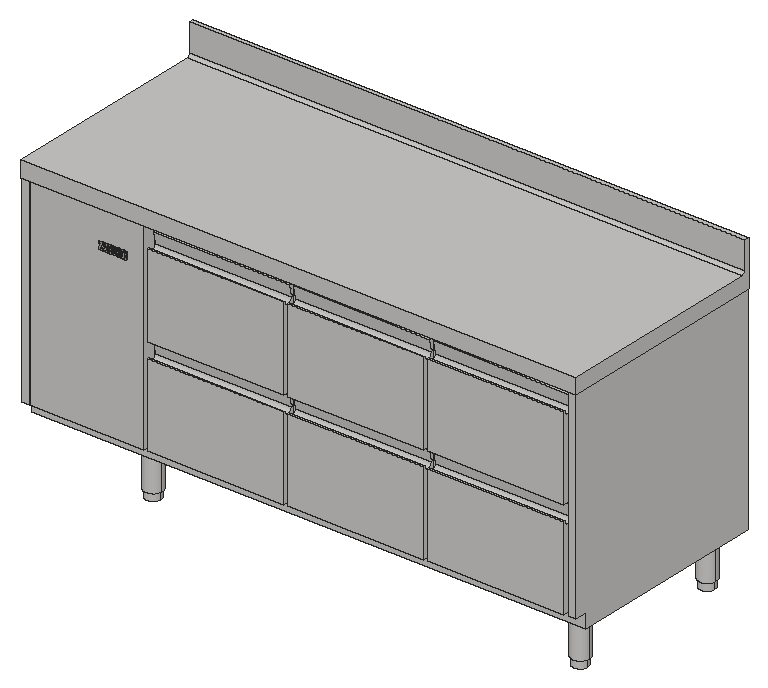
Revit family "QF_ZANUSSI_111048_ZH3H3BBB", category Specialty Equipment, Revit 2018
Family settings
  Round Connector Dimension = Use Diameter
  Part Type = Normal
  Work Plane-Based = No
  Always vertical = Yes
  Cut with Voids When Loaded = No
  Shared = No
  Room Calculation Point = No
Parameters
  Weight = 0.00 kg
  Watts = 0.0232258 W
  Volts = 220 V
  URL Manufacturer = "http://www.zanussiprofessional.com/"
  URL = "http://www.zanussiprofessional.com/"
  Steam Supply Size = 0 mm
  Steam Supply Minimum Pressure = 0.0 Pa
  Steam Supply Maximum Pressure = 0.0 Pa
  Steam Pounds per Hour = 0
  Show Logo [instance] = yes
  Show Clearance [instance] = yes
  Refrigeration Suction Line Size = 0 mm
  Refrigeration Liquid Line Size = 0 mm
  Refrigerant Compressor Remote = yes
  Manufacturer = "Zanussi"
  Phase = 1
  Model = "ZH3H3BBB"
  Length Actual = 1799 mm  # constant formula
  Item Number = "111048"
  Hot Water Size = 0 mm
  Height Actual = 1000 mm  # constant formula
  HP = "0.3 HP"
  Gas Size = 0 mm
  Gas KW = 0
  Gas Input Pressure = 0 W
  Description = "6 DRAWERS REFRIGER.TABLE 440L-SPLASHB"
  Depth Actual = 700 mm  # constant formula
  Cycle = 50 Hz
  Condensate Return Size = 0 mm
  Compressed Air Volume = 0.0 L/s
  Compressed Air Size = 0 mm
  Compressed Air Pressure = 0.0 Pa
  Cold Water Size = 0 mm
  Accessory = yes
Reference planes
  plane 1 "Center X": y = 182.5
  plane 2: z = 0
  plane 3 "Center Y": x = -353.5
  plane 4: y = -62.5
  plane 5: y = 451.5
  plane 6 "BACK": y = 532.5
  plane 7 "FRONT": y = -167.5
  plane 8: x = -906
  plane 9: x = 478
  plane 10: z = 150
  plane 11 "TOP": z = 900
  plane 12: z = 850
  plane 13 "LEFT": x = -1251
  plane 14 "RIGHT": x = 544
  plane 15: x = -1253
  plane 16: x = 546
Forms (mm)
  Extrusion 1, solid, material "QF_Finishes_Stainless Steel"
    sketch origin (-353.5, 2, 0) x (0, 1, 0) y (0, 0, 1)
      loop
        line (530.5, 150) -> (530.5, 850) -> (-124.5, 850) -> (-124.5, 150) -> (530.5, 150)
    from -897.5 to 897.5
  Extrusion 2, solid, material "QF_Finishes_Stainless Steel"
    sketch origin (-1022.223, -1524, 150) x (-1, 0, 0) y (0, -1, 0)
      loop
        line (228.777, -1361.5) -> (203.777, -1361.5) -> (203.777, -1401.5) -> (228.777, -1401.5) -> (228.777, -1361.5)
      loop
        line (-1566.223, -1401.5) -> (-1541.223, -1401.5) -> (-1541.223, -1361.5) -> (-1566.223, -1361.5) -> (-1566.223, -1401.5)
    from 47 to 700
  Extrusion 3, solid, material "QF_Finishes_Stainless Steel"
    sketch origin (0, 0, 900) x (-1, 0, 0) y (0, -1, 0)
      loop
        circle (170, -94.5) r 8.45
    from -790.577 to -750
  Extrusion 4, solid, material "QF_Finishes_Stainless Steel"
    sketch origin (0, 0, 0) x (1, 0, 0) y (0, 1, 0)
      loop
        circle (-1167, 451.5) r 4
    from 109.423 to 150
  Extrusion 5, solid, material "QF_Finishes_Stainless Steel"
    sketch origin (-126.5, 0, 0) x (0, 1, 0) y (0, 0, 1)
      loop
        line (-167.5, 900) -> (-167.5, 850) -> (532.5, 850) -> (532.5, 1000) -> (519.5, 1000) -> (519.5, 910)
        arc (519.5, 910) -> (516.571, 902.929) -> (509.5, 900) r 10
        line (509.5, 900) -> (-167.5, 900)
    from 672.5 to -1126.5
Cuts and joins
  joined: Extrusion 1, Extrusion 2
Lines and regions (mm)
  symbolic lines, style "SpecialityEquipmentHiddenLines"
    curve 1: line (-1253, -122.5, 900) -> (546, -122.5, 900)
    curve 2: line (-850, -167.5, 900) -> (-850, -122.5, 900)
  symbolic lines, style "SpecialityEquipment"
    curve 3: line (-1253, 532.5, 900) -> (546, 532.5, 900)
    curve 4: line (-1253, 532.5, 900) -> (-1253, -167.5, 900)
    curve 5: line (-1253, -167.5, 900) -> (546, -167.5, 900)
    curve 6: line (546, -167.5, 900) -> (546, 532.5, 900)
    curve 7: line (-1253, 519.5, 900) -> (546, 519.5, 900)
Dimensions and locks
  locked: plane 6 "BACK" to plane 7 "FRONT" at 700
  equal spacing: plane 6 "BACK", plane 1 "Center X", plane 7 "FRONT"
  locked: plane 6 "BACK" to plane 5 at 81
  plane 10 to level = 150 mm
  plane 11 "TOP" to plane 12 to plane 10 = 50 mm locked, 700 mm locked
  locked: Extrusion 2 sketch curve to Extrusion 2 sketch curve at 25  (x2)
  locked: plane 4 to plane 7 "FRONT" at 105
  locked: plane 6 "BACK" to Extrusion 3 sketch curve at 438
  equal spacing: plane 13 "LEFT", plane 3 "Center Y", plane 14 "RIGHT"
  plane 15 to plane 16 = 1799 mm
  locked: plane 13 "LEFT" to plane 8 at 345
  locked: plane 9 to plane 14 "RIGHT" at 66
  Extrusion 3 sketch curve to plane 14 "RIGHT" = 714 mm
  plane 13 "LEFT" to Extrusion 4 sketch curve = 84 mm
  locked: plane 6 "BACK" to Extrusion 4 sketch curve at 81
  locked: plane 10 to Extrusion 4 at 40.577
  aligned and locked: level to plane 2
  aligned and locked: plane 10 to Extrusion 3
  aligned and locked: nested 4 to plane 4
  aligned and locked: nested 1 to plane 4
  aligned and locked: nested 3 to plane 5
  aligned and locked: nested 2 to plane 5
  aligned and locked: plane 8 to nested 1
  aligned and locked: plane 8 to nested 2
  aligned and locked: plane 9 to nested 4
  aligned and locked: plane 9 to nested 3
  aligned and locked: Extrusion 1 to Extrusion 2
  aligned and locked: Extrusion 2 to Extrusion 1
  aligned and locked: Extrusion 2 sketch curve to plane 14 "RIGHT"
  aligned and locked: plane 13 "LEFT" to Extrusion 2 sketch curve
  aligned and locked: cut or joined group of Extrusion 1, Extrusion 2 to plane 10
  aligned and locked: plane 12 to cut or joined group of Extrusion 1, Extrusion 2
  aligned and locked: plane 10 to Extrusion 4
Automatic sketch dimensions
  plane 7 "FRONT" to Extrusion 2 sketch curve = 45 mm  (x2)
  plane 7 "FRONT" to Extrusion 2 sketch curve = 5 mm  (x2)
  Extrusion 1 sketch curve to plane 10 = 0 mm
  Extrusion 1 sketch curve to plane 12 = 0 mm
  Extrusion 1 sketch curve to plane 6 "BACK" = 0 mm
  plane 7 "FRONT" to Extrusion 1 sketch curve = 45 mm
  Extrusion 5 sketch curve to plane 7 "FRONT" = 0 mm
  Extrusion 5 sketch curve to plane 11 "TOP" = 0 mm
  Extrusion 5 sketch curve to plane 6 "BACK" = 0 mm
  Extrusion 5 sketch curve to plane 12 = 0 mm
  plane 11 "TOP" to Extrusion 5 sketch curve = 10 mm
  Extrusion 5 sketch curve to plane 6 "BACK" = 23 mm
  Extrusion 5 sketch curve to Extrusion 5 sketch curve = 90 mm
  curve 7 to plane 16 = 0 mm
  curve 2 to plane 7 "FRONT" = 0 mm
  curve 5 to plane 15 = 0 mm
  curve 3 to plane 6 "BACK" = 0 mm
  plane 8 to curve 2 = 56 mm
  curve 3 to curve 7 = 13 mm
  curve 1 to curve 4 = 45 mm
  radius of Extrusion 3 sketch curve = 8.45 mm
  radius of Extrusion 4 sketch curve = 4 mm
Nested families
  nested 1: "Foot_Ø50_H150" at (-906, -62.5, 0), type "Foot_Ø50_H150"
  nested 2: "Foot_Ø50_H150" at (-906, 451.5, 0), type "Foot_Ø50_H150"
  nested 3: "Foot_Ø50_H150" at (478, 451.5, 0), type "Foot_Ø50_H150"
  nested 4: "Foot_Ø50_H150" at (478, -62.5, 0), type "Foot_Ø50_H150"
  nested 5: "2 Drawers" at (285, -164.5, 0), Show Clearance <- "Show Clearance", type "2 Drawers"
  nested 6: "2 Drawers" at (-169, -164.5, 0), Show Clearance <- "Show Clearance", type "2 Drawers"
  nested 7: "Refrigerator" at (544, -167.5, 900), type "Refrigerator"
  nested 8: "ZAN_Cooling Unit" at (-1041.5, -164.5, 0), Show Logo <- "Show Logo", type "ZAN_Cooling Unit"
  nested 9: "2 Drawers" at (-623, -164.5, 0) x (-1, 0, 0) z (0, 0, 1), Show Clearance <- "Show Clearance", type "2 Drawers"
Connectors
  electrical at (-1167, 451.5, 109.423), driven by "Volts"
    settings: on Extrusion 4, index 4, voltage 220 V, apparent load 0 VA, apparent load phase1 0 VA, apparent load phase2 0 VA, apparent load phase3 0 VA, power factor 1, load classification "Altro", number of poles 1, system type 30, power factor state 1, is connector primary yes, connector utility no, sub classification motor no, connector description "Electrical Connection"
  piping at (-170, 94.5, 109.423), diameter 17
    settings: on Extrusion 3, index 5, connector inside diameter 609.6 mm, connector length 0 mm, flow factor 0, pipe flow 0.0 L/s, pressure drop 0.0 Pa, fitting loss kfactor 0, connector angle 0.00°, fixture units 0, engagement length 0 mm, angle of deflection 0.00°, flow configuration 1, flow direction 2, fitting loss method 0, system type 16, joint type 0, gender type 0, connector reference index -1, connector utility 0, adjustable connector no, is connector primary yes, connector description "Drain"
Definition of nested family "Foot_Ø50_H150"
  Reference planes
    plane 1 "Centro (Fronte/Retro)": y = 0
    plane 2: z = 0
    plane 3 "Centro (Sinistra/Destra)": x = 0
    plane 4: z = 150
  Forms (mm)
    Revolve 1, solid
      sketch origin (255.05, 0, 608.09) x (0, 0, 1) y (-1, 0, 0)
        loop
          line (-608.09, 255.05) -> (-608.09, 230.05) -> (-583.09, 230.05) -> (-583.09, 226.05) -> (-458.09, 226.05) -> (-458.09, 255.05) -> (-608.09, 255.05)
        axis (-608.09, 255.05) -> (-458.09, 255.05)
      angle from 0 to 360
  Dimensions and locks
    locked: Revolve 1 sketch curve to Revolve 1 sketch curve at 125
    aligned and locked: level to plane 2
    aligned and locked: plane 4 to Revolve 1 sketch curve
    aligned and locked: Revolve 1 sketch curve to level
    aligned and locked: plane 3 "Centro (Sinistra/Destra)" to Revolve 1 sketch curve
Definition of nested family "2 Drawers"
  Parameters
    Show Clearance [instance] = yes
  Reference planes
    plane 1 "FRONT": y = -3
    plane 2: z = 0
    plane 3 "Centro (Sinistra/Destra)": x = 0
    plane 4: z = 150
    plane 5: z = 850
    plane 6: x = -234
    plane 7: x = 234
    plane 8: x = -220
    plane 9: x = 220
  Forms (mm)
    Extrusion 1, solid
      sketch origin (0, 55, 511) x (0, 0, 1) y (0, -1, 0)
        loop
          line (314, 18) -> (314, 29) -> (274.395, 22.5)
          arc (274.395, 22.5) -> (260.395, 36.5) -> (274.395, 50.5) r 14
          line (274.395, 50.5) -> (274.395, 53) -> (5, 53) -> (5, 18) -> (314, 18)
        loop
          line (-5, 29) -> (-44.605, 22.5)
          arc (-44.605, 22.5) -> (-58.605, 36.5) -> (-44.605, 50.5) r 14
          line (-44.605, 50.5) -> (-44.605, 53) -> (-314, 53) -> (-314, 18) -> (-5, 18) -> (-5, 29)
      from -220 to 220
    Extrusion 2, solid, visible <- "Show Clearance", detail levels coarse
      sketch origin (0, -462, 511) x (0, 0, 1) y (0, -1, 0)
        loop
          line (-314, 109) -> (-314, -464) -> (-5, -464) -> (-5, 109) -> (-314, 109)
        loop
          line (314, -464) -> (314, 109) -> (5, 109) -> (5, -464) -> (314, -464)
      from -220 to 220
  Lines and regions (mm)
    symbolic lines
      curve 1: line (-190, -3, 0) -> (-190, -88, 0)
      curve 2: line (190, -88, 0) -> (190, -3, 0)
      curve 3: line (220, -88, 0) -> (-220, -88, 0)
      curve 4: line (-220, -88, 0) -> (-220, -123, 0)
      curve 5: line (-220, -123, 0) -> (220, -123, 0)
      curve 6: line (220, -123, 0) -> (220, -88, 0)
      curve 7: line (-190, -123, 0) -> (-190, -208, 0)
      curve 8: line (220, -208, 0) -> (-220, -208, 0)
      curve 9: line (-220, -208, 0) -> (-220, -243, 0)
      curve 10: line (-220, -243, 0) -> (220, -243, 0)
      curve 11: line (220, -243, 0) -> (220, -208, 0)
      curve 12: line (190, -208, 0) -> (190, -123, 0)
  Dimensions and locks
    aligned and locked: level to plane 2
Definition of nested family "ZAN_Cooling Unit"
  Parameters
    Show Logo [instance] = yes
  Reference planes
    plane 1 "FRONT": y = -3
    plane 2: z = 0
    plane 3 "Centro (Sinistra/Destra)": x = 0
    plane 4: z = 150
    plane 5: z = 850
    plane 6: x = -184.5
    plane 7: x = 184.5
  Forms (mm)
    Extrusion 1, solid
      sketch origin (0, 55, 511) x (0, 0, 1) y (0, -1, 0)
        loop
          line (-314, 53) -> (-314, 13) -> (339, 13) -> (339, 53) -> (-314, 53)
      from -184.5 to 184.5
  Lines and regions (mm)
    Split face 1
      outline origin (0, 2, 197) x (0, 0, 1) y (-1, 0, 0)
        loop
          line (566.835, 184.5) -> (566.835, -184.5)
        loop
          line (521.835, 184.5) -> (521.835, -184.5)
    Split face 2
      outline origin (0, 2, 197) x (0, 0, 1) y (-1, 0, 0)
        loop
          arc (510.649, 158.547) -> (506.648, 162.548) -> (502.647, 158.547) r 4.001
          line (502.647, 158.547) -> (502.647, 116.535)
          arc (502.647, 116.535) -> (506.648, 112.533) -> (510.649, 116.535) r 4.001
          line (510.649, 116.535) -> (510.649, 158.547)
    Split face 3
      outline origin (0, 2, 184.996) x (0, 0, 1) y (-1, 0, 0)
        loop
          arc (510.649, 158.547) -> (506.648, 162.548) -> (502.647, 158.547) r 4.001
          line (502.647, 158.547) -> (502.647, 116.535)
          arc (502.647, 116.535) -> (506.648, 112.533) -> (510.649, 116.535) r 4.001
          line (510.649, 116.535) -> (510.649, 158.547)
    Split face 4
      outline origin (0, 2, 172.993) x (0, 0, 1) y (-1, 0, 0)
        loop
          arc (510.649, 158.547) -> (506.648, 162.548) -> (502.647, 158.547) r 4.001
          line (502.647, 158.547) -> (502.647, 116.535)
          arc (502.647, 116.535) -> (506.648, 112.533) -> (510.649, 116.535) r 4.001
          line (510.649, 116.535) -> (510.649, 158.547)
    Split face 5
      outline origin (0, 2, 160.989) x (0, 0, 1) y (-1, 0, 0)
        loop
          arc (510.649, 158.547) -> (506.648, 162.548) -> (502.647, 158.547) r 4.001
          line (502.647, 158.547) -> (502.647, 116.535)
          arc (502.647, 116.535) -> (506.648, 112.533) -> (510.649, 116.535) r 4.001
          line (510.649, 116.535) -> (510.649, 158.547)
    Split face 6
      outline origin (0, 2, 148.986) x (0, 0, 1) y (-1, 0, 0)
        loop
          arc (510.649, 158.547) -> (506.648, 162.548) -> (502.647, 158.547) r 4.001
          line (502.647, 158.547) -> (502.647, 116.535)
          arc (502.647, 116.535) -> (506.648, 112.533) -> (510.649, 116.535) r 4.001
          line (510.649, 116.535) -> (510.649, 158.547)
    Split face 7
      outline origin (0, 2, 136.982) x (0, 0, 1) y (-1, 0, 0)
        loop
          arc (510.649, 158.547) -> (506.648, 162.548) -> (502.647, 158.547) r 4.001
          line (502.647, 158.547) -> (502.647, 116.535)
          arc (502.647, 116.535) -> (506.648, 112.533) -> (510.649, 116.535) r 4.001
          line (510.649, 116.535) -> (510.649, 158.547)
    Split face 8
      outline origin (0, 2, 124.979) x (0, 0, 1) y (-1, 0, 0)
        loop
          arc (510.649, 158.547) -> (506.648, 162.548) -> (502.647, 158.547) r 4.001
          line (502.647, 158.547) -> (502.647, 116.535)
          arc (502.647, 116.535) -> (506.648, 112.533) -> (510.649, 116.535) r 4.001
          line (510.649, 116.535) -> (510.649, 158.547)
    Split face 9
      outline origin (0, 2, 112.975) x (0, 0, 1) y (-1, 0, 0)
        loop
          arc (510.649, 158.547) -> (506.648, 162.548) -> (502.647, 158.547) r 4.001
          line (502.647, 158.547) -> (502.647, 116.535)
          arc (502.647, 116.535) -> (506.648, 112.533) -> (510.649, 116.535) r 4.001
          line (510.649, 116.535) -> (510.649, 158.547)
    Split face 10
      outline origin (0, 2, 100.972) x (0, 0, 1) y (-1, 0, 0)
        loop
          arc (510.649, 158.547) -> (506.648, 162.548) -> (502.647, 158.547) r 4.001
          line (502.647, 158.547) -> (502.647, 116.535)
          arc (502.647, 116.535) -> (506.648, 112.533) -> (510.649, 116.535) r 4.001
          line (510.649, 116.535) -> (510.649, 158.547)
    Split face 11
      outline origin (0, 2, 88.968) x (0, 0, 1) y (-1, 0, 0)
        loop
          arc (510.649, 158.547) -> (506.648, 162.548) -> (502.647, 158.547) r 4.001
          line (502.647, 158.547) -> (502.647, 116.535)
          arc (502.647, 116.535) -> (506.648, 112.533) -> (510.649, 116.535) r 4.001
          line (510.649, 116.535) -> (510.649, 158.547)
    Split face 12
      outline origin (0, 2, 76.965) x (0, 0, 1) y (-1, 0, 0)
        loop
          arc (510.649, 158.547) -> (506.648, 162.548) -> (502.647, 158.547) r 4.001
          line (502.647, 158.547) -> (502.647, 116.535)
          arc (502.647, 116.535) -> (506.648, 112.533) -> (510.649, 116.535) r 4.001
          line (510.649, 116.535) -> (510.649, 158.547)
    Split face 13
      outline origin (0, 2, 64.961) x (0, 0, 1) y (-1, 0, 0)
        loop
          arc (510.649, 158.547) -> (506.648, 162.548) -> (502.647, 158.547) r 4.001
          line (502.647, 158.547) -> (502.647, 116.535)
          arc (502.647, 116.535) -> (506.648, 112.533) -> (510.649, 116.535) r 4.001
          line (510.649, 116.535) -> (510.649, 158.547)
    Split face 14
      outline origin (0, 2, 52.958) x (0, 0, 1) y (-1, 0, 0)
        loop
          arc (510.649, 158.547) -> (506.648, 162.548) -> (502.647, 158.547) r 4.001
          line (502.647, 158.547) -> (502.647, 116.535)
          arc (502.647, 116.535) -> (506.648, 112.533) -> (510.649, 116.535) r 4.001
          line (510.649, 116.535) -> (510.649, 158.547)
    Split face 15
      outline origin (0, 2, 40.954) x (0, 0, 1) y (-1, 0, 0)
        loop
          arc (510.649, 158.547) -> (506.648, 162.548) -> (502.647, 158.547) r 4.001
          line (502.647, 158.547) -> (502.647, 116.535)
          arc (502.647, 116.535) -> (506.648, 112.533) -> (510.649, 116.535) r 4.001
          line (510.649, 116.535) -> (510.649, 158.547)
    Split face 16
      outline origin (0, 2, 28.951) x (0, 0, 1) y (-1, 0, 0)
        loop
          arc (510.649, 158.547) -> (506.648, 162.548) -> (502.647, 158.547) r 4.001
          line (502.647, 158.547) -> (502.647, 116.535)
          arc (502.647, 116.535) -> (506.648, 112.533) -> (510.649, 116.535) r 4.001
          line (510.649, 116.535) -> (510.649, 158.547)
    Split face 17
      outline origin (0, 2, 16.947) x (0, 0, 1) y (-1, 0, 0)
        loop
          arc (510.649, 158.547) -> (506.648, 162.548) -> (502.647, 158.547) r 4.001
          line (502.647, 158.547) -> (502.647, 116.535)
          arc (502.647, 116.535) -> (506.648, 112.533) -> (510.649, 116.535) r 4.001
          line (510.649, 116.535) -> (510.649, 158.547)
    Split face 18
      outline origin (55.016, 2, 197) x (0, 0, 1) y (-1, 0, 0)
        loop
          arc (510.649, 158.547) -> (506.648, 162.548) -> (502.647, 158.547) r 4.001
          line (502.647, 158.547) -> (502.647, 116.535)
          arc (502.647, 116.535) -> (506.648, 112.533) -> (510.649, 116.535) r 4.001
          line (510.649, 116.535) -> (510.649, 158.547)
    Split face 19
      outline origin (55.016, 2, 184.996) x (0, 0, 1) y (-1, 0, 0)
        loop
          arc (510.649, 158.547) -> (506.648, 162.548) -> (502.647, 158.547) r 4.001
          line (502.647, 158.547) -> (502.647, 116.535)
          arc (502.647, 116.535) -> (506.648, 112.533) -> (510.649, 116.535) r 4.001
          line (510.649, 116.535) -> (510.649, 158.547)
    Split face 20
      outline origin (55.016, 2, 172.993) x (0, 0, 1) y (-1, 0, 0)
        loop
          arc (510.649, 158.547) -> (506.648, 162.548) -> (502.647, 158.547) r 4.001
          line (502.647, 158.547) -> (502.647, 116.535)
          arc (502.647, 116.535) -> (506.648, 112.533) -> (510.649, 116.535) r 4.001
          line (510.649, 116.535) -> (510.649, 158.547)
    Split face 21
      outline origin (55.016, 2, 160.989) x (0, 0, 1) y (-1, 0, 0)
        loop
          arc (510.649, 158.547) -> (506.648, 162.548) -> (502.647, 158.547) r 4.001
          line (502.647, 158.547) -> (502.647, 116.535)
          arc (502.647, 116.535) -> (506.648, 112.533) -> (510.649, 116.535) r 4.001
          line (510.649, 116.535) -> (510.649, 158.547)
    Split face 22
      outline origin (55.016, 2, 148.986) x (0, 0, 1) y (-1, 0, 0)
        loop
          arc (510.649, 158.547) -> (506.648, 162.548) -> (502.647, 158.547) r 4.001
          line (502.647, 158.547) -> (502.647, 116.535)
          arc (502.647, 116.535) -> (506.648, 112.533) -> (510.649, 116.535) r 4.001
          line (510.649, 116.535) -> (510.649, 158.547)
    Split face 23
      outline origin (55.016, 2, 136.982) x (0, 0, 1) y (-1, 0, 0)
        loop
          arc (510.649, 158.547) -> (506.648, 162.548) -> (502.647, 158.547) r 4.001
          line (502.647, 158.547) -> (502.647, 116.535)
          arc (502.647, 116.535) -> (506.648, 112.533) -> (510.649, 116.535) r 4.001
          line (510.649, 116.535) -> (510.649, 158.547)
    Split face 24
      outline origin (55.016, 2, 124.979) x (0, 0, 1) y (-1, 0, 0)
        loop
          arc (510.649, 158.547) -> (506.648, 162.548) -> (502.647, 158.547) r 4.001
          line (502.647, 158.547) -> (502.647, 116.535)
          arc (502.647, 116.535) -> (506.648, 112.533) -> (510.649, 116.535) r 4.001
          line (510.649, 116.535) -> (510.649, 158.547)
    Split face 25
      outline origin (55.016, 2, 112.975) x (0, 0, 1) y (-1, 0, 0)
        loop
          arc (510.649, 158.547) -> (506.648, 162.548) -> (502.647, 158.547) r 4.001
          line (502.647, 158.547) -> (502.647, 116.535)
          arc (502.647, 116.535) -> (506.648, 112.533) -> (510.649, 116.535) r 4.001
          line (510.649, 116.535) -> (510.649, 158.547)
    Split face 26
      outline origin (55.016, 2, 100.972) x (0, 0, 1) y (-1, 0, 0)
        loop
          arc (510.649, 158.547) -> (506.648, 162.548) -> (502.647, 158.547) r 4.001
          line (502.647, 158.547) -> (502.647, 116.535)
          arc (502.647, 116.535) -> (506.648, 112.533) -> (510.649, 116.535) r 4.001
          line (510.649, 116.535) -> (510.649, 158.547)
    Split face 27
      outline origin (55.016, 2, 88.968) x (0, 0, 1) y (-1, 0, 0)
        loop
          arc (510.649, 158.547) -> (506.648, 162.548) -> (502.647, 158.547) r 4.001
          line (502.647, 158.547) -> (502.647, 116.535)
          arc (502.647, 116.535) -> (506.648, 112.533) -> (510.649, 116.535) r 4.001
          line (510.649, 116.535) -> (510.649, 158.547)
    Split face 28
      outline origin (55.016, 2, 76.965) x (0, 0, 1) y (-1, 0, 0)
        loop
          arc (510.649, 158.547) -> (506.648, 162.548) -> (502.647, 158.547) r 4.001
          line (502.647, 158.547) -> (502.647, 116.535)
          arc (502.647, 116.535) -> (506.648, 112.533) -> (510.649, 116.535) r 4.001
          line (510.649, 116.535) -> (510.649, 158.547)
    Split face 29
      outline origin (55.016, 2, 64.961) x (0, 0, 1) y (-1, 0, 0)
        loop
          arc (510.649, 158.547) -> (506.648, 162.548) -> (502.647, 158.547) r 4.001
          line (502.647, 158.547) -> (502.647, 116.535)
          arc (502.647, 116.535) -> (506.648, 112.533) -> (510.649, 116.535) r 4.001
          line (510.649, 116.535) -> (510.649, 158.547)
    Split face 30
      outline origin (55.016, 2, 52.958) x (0, 0, 1) y (-1, 0, 0)
        loop
          arc (510.649, 158.547) -> (506.648, 162.548) -> (502.647, 158.547) r 4.001
          line (502.647, 158.547) -> (502.647, 116.535)
          arc (502.647, 116.535) -> (506.648, 112.533) -> (510.649, 116.535) r 4.001
          line (510.649, 116.535) -> (510.649, 158.547)
    Split face 31
      outline origin (55.016, 2, 40.954) x (0, 0, 1) y (-1, 0, 0)
        loop
          arc (510.649, 158.547) -> (506.648, 162.548) -> (502.647, 158.547) r 4.001
          line (502.647, 158.547) -> (502.647, 116.535)
          arc (502.647, 116.535) -> (506.648, 112.533) -> (510.649, 116.535) r 4.001
          line (510.649, 116.535) -> (510.649, 158.547)
    Split face 32
      outline origin (55.016, 2, 28.951) x (0, 0, 1) y (-1, 0, 0)
        loop
          arc (510.649, 158.547) -> (506.648, 162.548) -> (502.647, 158.547) r 4.001
          line (502.647, 158.547) -> (502.647, 116.535)
          arc (502.647, 116.535) -> (506.648, 112.533) -> (510.649, 116.535) r 4.001
          line (510.649, 116.535) -> (510.649, 158.547)
    Split face 33
      outline origin (55.016, 2, 16.947) x (0, 0, 1) y (-1, 0, 0)
        loop
          arc (510.649, 158.547) -> (506.648, 162.548) -> (502.647, 158.547) r 4.001
          line (502.647, 158.547) -> (502.647, 116.535)
          arc (502.647, 116.535) -> (506.648, 112.533) -> (510.649, 116.535) r 4.001
          line (510.649, 116.535) -> (510.649, 158.547)
    Split face 34
      outline origin (110.032, 2, 197) x (0, 0, 1) y (-1, 0, 0)
        loop
          arc (510.649, 158.547) -> (506.648, 162.548) -> (502.647, 158.547) r 4.001
          line (502.647, 158.547) -> (502.647, 116.535)
          arc (502.647, 116.535) -> (506.648, 112.533) -> (510.649, 116.535) r 4.001
          line (510.649, 116.535) -> (510.649, 158.547)
    Split face 35
      outline origin (110.032, 2, 184.996) x (0, 0, 1) y (-1, 0, 0)
        loop
          arc (510.649, 158.547) -> (506.648, 162.548) -> (502.647, 158.547) r 4.001
          line (502.647, 158.547) -> (502.647, 116.535)
          arc (502.647, 116.535) -> (506.648, 112.533) -> (510.649, 116.535) r 4.001
          line (510.649, 116.535) -> (510.649, 158.547)
    Split face 36
      outline origin (110.032, 2, 172.993) x (0, 0, 1) y (-1, 0, 0)
        loop
          arc (510.649, 158.547) -> (506.648, 162.548) -> (502.647, 158.547) r 4.001
          line (502.647, 158.547) -> (502.647, 116.535)
          arc (502.647, 116.535) -> (506.648, 112.533) -> (510.649, 116.535) r 4.001
          line (510.649, 116.535) -> (510.649, 158.547)
    Split face 37
      outline origin (110.032, 2, 160.989) x (0, 0, 1) y (-1, 0, 0)
        loop
          arc (510.649, 158.547) -> (506.648, 162.548) -> (502.647, 158.547) r 4.001
          line (502.647, 158.547) -> (502.647, 116.535)
          arc (502.647, 116.535) -> (506.648, 112.533) -> (510.649, 116.535) r 4.001
          line (510.649, 116.535) -> (510.649, 158.547)
    Split face 38
      outline origin (110.032, 2, 148.986) x (0, 0, 1) y (-1, 0, 0)
        loop
          arc (510.649, 158.547) -> (506.648, 162.548) -> (502.647, 158.547) r 4.001
          line (502.647, 158.547) -> (502.647, 116.535)
          arc (502.647, 116.535) -> (506.648, 112.533) -> (510.649, 116.535) r 4.001
          line (510.649, 116.535) -> (510.649, 158.547)
    Split face 39
      outline origin (110.032, 2, 136.982) x (0, 0, 1) y (-1, 0, 0)
        loop
          arc (510.649, 158.547) -> (506.648, 162.548) -> (502.647, 158.547) r 4.001
          line (502.647, 158.547) -> (502.647, 116.535)
          arc (502.647, 116.535) -> (506.648, 112.533) -> (510.649, 116.535) r 4.001
          line (510.649, 116.535) -> (510.649, 158.547)
    Split face 40
      outline origin (110.032, 2, 124.979) x (0, 0, 1) y (-1, 0, 0)
        loop
          arc (510.649, 158.547) -> (506.648, 162.548) -> (502.647, 158.547) r 4.001
          line (502.647, 158.547) -> (502.647, 116.535)
          arc (502.647, 116.535) -> (506.648, 112.533) -> (510.649, 116.535) r 4.001
          line (510.649, 116.535) -> (510.649, 158.547)
    Split face 41
      outline origin (110.032, 2, 112.975) x (0, 0, 1) y (-1, 0, 0)
        loop
          arc (510.649, 158.547) -> (506.648, 162.548) -> (502.647, 158.547) r 4.001
          line (502.647, 158.547) -> (502.647, 116.535)
          arc (502.647, 116.535) -> (506.648, 112.533) -> (510.649, 116.535) r 4.001
          line (510.649, 116.535) -> (510.649, 158.547)
    Split face 42
      outline origin (110.032, 2, 100.972) x (0, 0, 1) y (-1, 0, 0)
        loop
          arc (510.649, 158.547) -> (506.648, 162.548) -> (502.647, 158.547) r 4.001
          line (502.647, 158.547) -> (502.647, 116.535)
          arc (502.647, 116.535) -> (506.648, 112.533) -> (510.649, 116.535) r 4.001
          line (510.649, 116.535) -> (510.649, 158.547)
    Split face 43
      outline origin (110.032, 2, 88.968) x (0, 0, 1) y (-1, 0, 0)
        loop
          arc (510.649, 158.547) -> (506.648, 162.548) -> (502.647, 158.547) r 4.001
          line (502.647, 158.547) -> (502.647, 116.535)
          arc (502.647, 116.535) -> (506.648, 112.533) -> (510.649, 116.535) r 4.001
          line (510.649, 116.535) -> (510.649, 158.547)
    Split face 44
      outline origin (110.032, 2, 76.965) x (0, 0, 1) y (-1, 0, 0)
        loop
          arc (510.649, 158.547) -> (506.648, 162.548) -> (502.647, 158.547) r 4.001
          line (502.647, 158.547) -> (502.647, 116.535)
          arc (502.647, 116.535) -> (506.648, 112.533) -> (510.649, 116.535) r 4.001
          line (510.649, 116.535) -> (510.649, 158.547)
    Split face 45
      outline origin (110.032, 2, 64.961) x (0, 0, 1) y (-1, 0, 0)
        loop
          arc (510.649, 158.547) -> (506.648, 162.548) -> (502.647, 158.547) r 4.001
          line (502.647, 158.547) -> (502.647, 116.535)
          arc (502.647, 116.535) -> (506.648, 112.533) -> (510.649, 116.535) r 4.001
          line (510.649, 116.535) -> (510.649, 158.547)
    Split face 46
      outline origin (110.032, 2, 52.958) x (0, 0, 1) y (-1, 0, 0)
        loop
          arc (510.649, 158.547) -> (506.648, 162.548) -> (502.647, 158.547) r 4.001
          line (502.647, 158.547) -> (502.647, 116.535)
          arc (502.647, 116.535) -> (506.648, 112.533) -> (510.649, 116.535) r 4.001
          line (510.649, 116.535) -> (510.649, 158.547)
    Split face 47
      outline origin (110.032, 2, 40.954) x (0, 0, 1) y (-1, 0, 0)
        loop
          arc (510.649, 158.547) -> (506.648, 162.548) -> (502.647, 158.547) r 4.001
          line (502.647, 158.547) -> (502.647, 116.535)
          arc (502.647, 116.535) -> (506.648, 112.533) -> (510.649, 116.535) r 4.001
          line (510.649, 116.535) -> (510.649, 158.547)
    Split face 48
      outline origin (110.032, 2, 28.951) x (0, 0, 1) y (-1, 0, 0)
        loop
          arc (510.649, 158.547) -> (506.648, 162.548) -> (502.647, 158.547) r 4.001
          line (502.647, 158.547) -> (502.647, 116.535)
          arc (502.647, 116.535) -> (506.648, 112.533) -> (510.649, 116.535) r 4.001
          line (510.649, 116.535) -> (510.649, 158.547)
    Split face 49
      outline origin (110.032, 2, 16.947) x (0, 0, 1) y (-1, 0, 0)
        loop
          arc (510.649, 158.547) -> (506.648, 162.548) -> (502.647, 158.547) r 4.001
          line (502.647, 158.547) -> (502.647, 116.535)
          arc (502.647, 116.535) -> (506.648, 112.533) -> (510.649, 116.535) r 4.001
          line (510.649, 116.535) -> (510.649, 158.547)
    Split face 50
      outline origin (165.048, 2, 197) x (0, 0, 1) y (-1, 0, 0)
        loop
          arc (510.649, 158.547) -> (506.648, 162.548) -> (502.647, 158.547) r 4.001
          line (502.647, 158.547) -> (502.647, 116.535)
          arc (502.647, 116.535) -> (506.648, 112.533) -> (510.649, 116.535) r 4.001
          line (510.649, 116.535) -> (510.649, 158.547)
    Split face 51
      outline origin (165.048, 2, 184.996) x (0, 0, 1) y (-1, 0, 0)
        loop
          arc (510.649, 158.547) -> (506.648, 162.548) -> (502.647, 158.547) r 4.001
          line (502.647, 158.547) -> (502.647, 116.535)
          arc (502.647, 116.535) -> (506.648, 112.533) -> (510.649, 116.535) r 4.001
          line (510.649, 116.535) -> (510.649, 158.547)
    Split face 52
      outline origin (165.048, 2, 172.993) x (0, 0, 1) y (-1, 0, 0)
        loop
          arc (510.649, 158.547) -> (506.648, 162.548) -> (502.647, 158.547) r 4.001
          line (502.647, 158.547) -> (502.647, 116.535)
          arc (502.647, 116.535) -> (506.648, 112.533) -> (510.649, 116.535) r 4.001
          line (510.649, 116.535) -> (510.649, 158.547)
    Split face 53
      outline origin (165.048, 2, 160.989) x (0, 0, 1) y (-1, 0, 0)
        loop
          arc (510.649, 158.547) -> (506.648, 162.548) -> (502.647, 158.547) r 4.001
          line (502.647, 158.547) -> (502.647, 116.535)
          arc (502.647, 116.535) -> (506.648, 112.533) -> (510.649, 116.535) r 4.001
          line (510.649, 116.535) -> (510.649, 158.547)
    Split face 54
      outline origin (165.048, 2, 148.986) x (0, 0, 1) y (-1, 0, 0)
        loop
          arc (510.649, 158.547) -> (506.648, 162.548) -> (502.647, 158.547) r 4.001
          line (502.647, 158.547) -> (502.647, 116.535)
          arc (502.647, 116.535) -> (506.648, 112.533) -> (510.649, 116.535) r 4.001
          line (510.649, 116.535) -> (510.649, 158.547)
    Split face 55
      outline origin (165.048, 2, 136.982) x (0, 0, 1) y (-1, 0, 0)
        loop
          arc (510.649, 158.547) -> (506.648, 162.548) -> (502.647, 158.547) r 4.001
          line (502.647, 158.547) -> (502.647, 116.535)
          arc (502.647, 116.535) -> (506.648, 112.533) -> (510.649, 116.535) r 4.001
          line (510.649, 116.535) -> (510.649, 158.547)
    Split face 56
      outline origin (165.048, 2, 124.979) x (0, 0, 1) y (-1, 0, 0)
        loop
          arc (510.649, 158.547) -> (506.648, 162.548) -> (502.647, 158.547) r 4.001
          line (502.647, 158.547) -> (502.647, 116.535)
          arc (502.647, 116.535) -> (506.648, 112.533) -> (510.649, 116.535) r 4.001
          line (510.649, 116.535) -> (510.649, 158.547)
    Split face 57
      outline origin (165.048, 2, 112.975) x (0, 0, 1) y (-1, 0, 0)
        loop
          arc (510.649, 158.547) -> (506.648, 162.548) -> (502.647, 158.547) r 4.001
          line (502.647, 158.547) -> (502.647, 116.535)
          arc (502.647, 116.535) -> (506.648, 112.533) -> (510.649, 116.535) r 4.001
          line (510.649, 116.535) -> (510.649, 158.547)
    Split face 58
      outline origin (165.048, 2, 100.972) x (0, 0, 1) y (-1, 0, 0)
        loop
          arc (510.649, 158.547) -> (506.648, 162.548) -> (502.647, 158.547) r 4.001
          line (502.647, 158.547) -> (502.647, 116.535)
          arc (502.647, 116.535) -> (506.648, 112.533) -> (510.649, 116.535) r 4.001
          line (510.649, 116.535) -> (510.649, 158.547)
    Split face 59
      outline origin (165.048, 2, 88.968) x (0, 0, 1) y (-1, 0, 0)
        loop
          arc (510.649, 158.547) -> (506.648, 162.548) -> (502.647, 158.547) r 4.001
          line (502.647, 158.547) -> (502.647, 116.535)
          arc (502.647, 116.535) -> (506.648, 112.533) -> (510.649, 116.535) r 4.001
          line (510.649, 116.535) -> (510.649, 158.547)
    Split face 60
      outline origin (165.048, 2, 76.965) x (0, 0, 1) y (-1, 0, 0)
        loop
          arc (510.649, 158.547) -> (506.648, 162.548) -> (502.647, 158.547) r 4.001
          line (502.647, 158.547) -> (502.647, 116.535)
          arc (502.647, 116.535) -> (506.648, 112.533) -> (510.649, 116.535) r 4.001
          line (510.649, 116.535) -> (510.649, 158.547)
    Split face 61
      outline origin (165.048, 2, 64.961) x (0, 0, 1) y (-1, 0, 0)
        loop
          arc (510.649, 158.547) -> (506.648, 162.548) -> (502.647, 158.547) r 4.001
          line (502.647, 158.547) -> (502.647, 116.535)
          arc (502.647, 116.535) -> (506.648, 112.533) -> (510.649, 116.535) r 4.001
          line (510.649, 116.535) -> (510.649, 158.547)
    Split face 62
      outline origin (165.048, 2, 52.958) x (0, 0, 1) y (-1, 0, 0)
        loop
          arc (510.649, 158.547) -> (506.648, 162.548) -> (502.647, 158.547) r 4.001
          line (502.647, 158.547) -> (502.647, 116.535)
          arc (502.647, 116.535) -> (506.648, 112.533) -> (510.649, 116.535) r 4.001
          line (510.649, 116.535) -> (510.649, 158.547)
    Split face 63
      outline origin (165.048, 2, 40.954) x (0, 0, 1) y (-1, 0, 0)
        loop
          arc (510.649, 158.547) -> (506.648, 162.548) -> (502.647, 158.547) r 4.001
          line (502.647, 158.547) -> (502.647, 116.535)
          arc (502.647, 116.535) -> (506.648, 112.533) -> (510.649, 116.535) r 4.001
          line (510.649, 116.535) -> (510.649, 158.547)
    Split face 64
      outline origin (165.048, 2, 28.951) x (0, 0, 1) y (-1, 0, 0)
        loop
          arc (510.649, 158.547) -> (506.648, 162.548) -> (502.647, 158.547) r 4.001
          line (502.647, 158.547) -> (502.647, 116.535)
          arc (502.647, 116.535) -> (506.648, 112.533) -> (510.649, 116.535) r 4.001
          line (510.649, 116.535) -> (510.649, 158.547)
    Split face 65
      outline origin (165.048, 2, 16.947) x (0, 0, 1) y (-1, 0, 0)
        loop
          arc (510.649, 158.547) -> (506.648, 162.548) -> (502.647, 158.547) r 4.001
          line (502.647, 158.547) -> (502.647, 116.535)
          arc (502.647, 116.535) -> (506.648, 112.533) -> (510.649, 116.535) r 4.001
          line (510.649, 116.535) -> (510.649, 158.547)
    Split face 66
      outline origin (220.064, 2, 197) x (0, 0, 1) y (-1, 0, 0)
        loop
          arc (510.649, 158.547) -> (506.648, 162.548) -> (502.647, 158.547) r 4.001
          line (502.647, 158.547) -> (502.647, 116.535)
          arc (502.647, 116.535) -> (506.648, 112.533) -> (510.649, 116.535) r 4.001
          line (510.649, 116.535) -> (510.649, 158.547)
    Split face 67
      outline origin (220.064, 2, 184.996) x (0, 0, 1) y (-1, 0, 0)
        loop
          arc (510.649, 158.547) -> (506.648, 162.548) -> (502.647, 158.547) r 4.001
          line (502.647, 158.547) -> (502.647, 116.535)
          arc (502.647, 116.535) -> (506.648, 112.533) -> (510.649, 116.535) r 4.001
          line (510.649, 116.535) -> (510.649, 158.547)
    Split face 68
      outline origin (220.064, 2, 172.993) x (0, 0, 1) y (-1, 0, 0)
        loop
          arc (510.649, 158.547) -> (506.648, 162.548) -> (502.647, 158.547) r 4.001
          line (502.647, 158.547) -> (502.647, 116.535)
          arc (502.647, 116.535) -> (506.648, 112.533) -> (510.649, 116.535) r 4.001
          line (510.649, 116.535) -> (510.649, 158.547)
    Split face 69
      outline origin (220.064, 2, 160.989) x (0, 0, 1) y (-1, 0, 0)
        loop
          arc (510.649, 158.547) -> (506.648, 162.548) -> (502.647, 158.547) r 4.001
          line (502.647, 158.547) -> (502.647, 116.535)
          arc (502.647, 116.535) -> (506.648, 112.533) -> (510.649, 116.535) r 4.001
          line (510.649, 116.535) -> (510.649, 158.547)
    Split face 70
      outline origin (220.064, 2, 148.986) x (0, 0, 1) y (-1, 0, 0)
        loop
          arc (510.649, 158.547) -> (506.648, 162.548) -> (502.647, 158.547) r 4.001
          line (502.647, 158.547) -> (502.647, 116.535)
          arc (502.647, 116.535) -> (506.648, 112.533) -> (510.649, 116.535) r 4.001
          line (510.649, 116.535) -> (510.649, 158.547)
    Split face 71
      outline origin (220.064, 2, 136.982) x (0, 0, 1) y (-1, 0, 0)
        loop
          arc (510.649, 158.547) -> (506.648, 162.548) -> (502.647, 158.547) r 4.001
          line (502.647, 158.547) -> (502.647, 116.535)
          arc (502.647, 116.535) -> (506.648, 112.533) -> (510.649, 116.535) r 4.001
          line (510.649, 116.535) -> (510.649, 158.547)
    Split face 72
      outline origin (220.064, 2, 124.979) x (0, 0, 1) y (-1, 0, 0)
        loop
          arc (510.649, 158.547) -> (506.648, 162.548) -> (502.647, 158.547) r 4.001
          line (502.647, 158.547) -> (502.647, 116.535)
          arc (502.647, 116.535) -> (506.648, 112.533) -> (510.649, 116.535) r 4.001
          line (510.649, 116.535) -> (510.649, 158.547)
    Split face 73
      outline origin (220.064, 2, 112.975) x (0, 0, 1) y (-1, 0, 0)
        loop
          arc (510.649, 158.547) -> (506.648, 162.548) -> (502.647, 158.547) r 4.001
          line (502.647, 158.547) -> (502.647, 116.535)
          arc (502.647, 116.535) -> (506.648, 112.533) -> (510.649, 116.535) r 4.001
          line (510.649, 116.535) -> (510.649, 158.547)
    Split face 74
      outline origin (220.064, 2, 100.972) x (0, 0, 1) y (-1, 0, 0)
        loop
          arc (510.649, 158.547) -> (506.648, 162.548) -> (502.647, 158.547) r 4.001
          line (502.647, 158.547) -> (502.647, 116.535)
          arc (502.647, 116.535) -> (506.648, 112.533) -> (510.649, 116.535) r 4.001
          line (510.649, 116.535) -> (510.649, 158.547)
    Split face 75
      outline origin (220.064, 2, 88.968) x (0, 0, 1) y (-1, 0, 0)
        loop
          arc (510.649, 158.547) -> (506.648, 162.548) -> (502.647, 158.547) r 4.001
          line (502.647, 158.547) -> (502.647, 116.535)
          arc (502.647, 116.535) -> (506.648, 112.533) -> (510.649, 116.535) r 4.001
          line (510.649, 116.535) -> (510.649, 158.547)
    Split face 76
      outline origin (220.064, 2, 76.965) x (0, 0, 1) y (-1, 0, 0)
        loop
          arc (510.649, 158.547) -> (506.648, 162.548) -> (502.647, 158.547) r 4.001
          line (502.647, 158.547) -> (502.647, 116.535)
          arc (502.647, 116.535) -> (506.648, 112.533) -> (510.649, 116.535) r 4.001
          line (510.649, 116.535) -> (510.649, 158.547)
    Split face 77
      outline origin (220.064, 2, 64.961) x (0, 0, 1) y (-1, 0, 0)
        loop
          arc (510.649, 158.547) -> (506.648, 162.548) -> (502.647, 158.547) r 4.001
          line (502.647, 158.547) -> (502.647, 116.535)
          arc (502.647, 116.535) -> (506.648, 112.533) -> (510.649, 116.535) r 4.001
          line (510.649, 116.535) -> (510.649, 158.547)
    Split face 78
      outline origin (220.064, 2, 52.958) x (0, 0, 1) y (-1, 0, 0)
        loop
          arc (510.649, 158.547) -> (506.648, 162.548) -> (502.647, 158.547) r 4.001
          line (502.647, 158.547) -> (502.647, 116.535)
          arc (502.647, 116.535) -> (506.648, 112.533) -> (510.649, 116.535) r 4.001
          line (510.649, 116.535) -> (510.649, 158.547)
    Split face 79
      outline origin (220.064, 2, 40.954) x (0, 0, 1) y (-1, 0, 0)
        loop
          arc (510.649, 158.547) -> (506.648, 162.548) -> (502.647, 158.547) r 4.001
          line (502.647, 158.547) -> (502.647, 116.535)
          arc (502.647, 116.535) -> (506.648, 112.533) -> (510.649, 116.535) r 4.001
          line (510.649, 116.535) -> (510.649, 158.547)
    Split face 80
      outline origin (220.064, 2, 28.951) x (0, 0, 1) y (-1, 0, 0)
        loop
          arc (510.649, 158.547) -> (506.648, 162.548) -> (502.647, 158.547) r 4.001
          line (502.647, 158.547) -> (502.647, 116.535)
          arc (502.647, 116.535) -> (506.648, 112.533) -> (510.649, 116.535) r 4.001
          line (510.649, 116.535) -> (510.649, 158.547)
    Split face 81
      outline origin (220.064, 2, 16.947) x (0, 0, 1) y (-1, 0, 0)
        loop
          arc (510.649, 158.547) -> (506.648, 162.548) -> (502.647, 158.547) r 4.001
          line (502.647, 158.547) -> (502.647, 116.535)
          arc (502.647, 116.535) -> (506.648, 112.533) -> (510.649, 116.535) r 4.001
          line (510.649, 116.535) -> (510.649, 158.547)
    Split face 82
      outline origin (275.081, 2, 197) x (0, 0, 1) y (-1, 0, 0)
        loop
          arc (510.649, 158.547) -> (506.648, 162.548) -> (502.647, 158.547) r 4.001
          line (502.647, 158.547) -> (502.647, 116.535)
          arc (502.647, 116.535) -> (506.648, 112.533) -> (510.649, 116.535) r 4.001
          line (510.649, 116.535) -> (510.649, 158.547)
    Split face 83
      outline origin (275.081, 2, 184.996) x (0, 0, 1) y (-1, 0, 0)
        loop
          arc (510.649, 158.547) -> (506.648, 162.548) -> (502.647, 158.547) r 4.001
          line (502.647, 158.547) -> (502.647, 116.535)
          arc (502.647, 116.535) -> (506.648, 112.533) -> (510.649, 116.535) r 4.001
          line (510.649, 116.535) -> (510.649, 158.547)
    Split face 84
      outline origin (275.081, 2, 172.993) x (0, 0, 1) y (-1, 0, 0)
        loop
          arc (510.649, 158.547) -> (506.648, 162.548) -> (502.647, 158.547) r 4.001
          line (502.647, 158.547) -> (502.647, 116.535)
          arc (502.647, 116.535) -> (506.648, 112.533) -> (510.649, 116.535) r 4.001
          line (510.649, 116.535) -> (510.649, 158.547)
    Split face 85
      outline origin (275.081, 2, 160.989) x (0, 0, 1) y (-1, 0, 0)
        loop
          arc (510.649, 158.547) -> (506.648, 162.548) -> (502.647, 158.547) r 4.001
          line (502.647, 158.547) -> (502.647, 116.535)
          arc (502.647, 116.535) -> (506.648, 112.533) -> (510.649, 116.535) r 4.001
          line (510.649, 116.535) -> (510.649, 158.547)
    Split face 86
      outline origin (275.081, 2, 148.986) x (0, 0, 1) y (-1, 0, 0)
        loop
          arc (510.649, 158.547) -> (506.648, 162.548) -> (502.647, 158.547) r 4.001
          line (502.647, 158.547) -> (502.647, 116.535)
          arc (502.647, 116.535) -> (506.648, 112.533) -> (510.649, 116.535) r 4.001
          line (510.649, 116.535) -> (510.649, 158.547)
    Split face 87
      outline origin (275.081, 2, 136.982) x (0, 0, 1) y (-1, 0, 0)
        loop
          arc (510.649, 158.547) -> (506.648, 162.548) -> (502.647, 158.547) r 4.001
          line (502.647, 158.547) -> (502.647, 116.535)
          arc (502.647, 116.535) -> (506.648, 112.533) -> (510.649, 116.535) r 4.001
          line (510.649, 116.535) -> (510.649, 158.547)
    Split face 88
      outline origin (275.081, 2, 124.979) x (0, 0, 1) y (-1, 0, 0)
        loop
          arc (510.649, 158.547) -> (506.648, 162.548) -> (502.647, 158.547) r 4.001
          line (502.647, 158.547) -> (502.647, 116.535)
          arc (502.647, 116.535) -> (506.648, 112.533) -> (510.649, 116.535) r 4.001
          line (510.649, 116.535) -> (510.649, 158.547)
    Split face 89
      outline origin (275.081, 2, 112.975) x (0, 0, 1) y (-1, 0, 0)
        loop
          arc (510.649, 158.547) -> (506.648, 162.548) -> (502.647, 158.547) r 4.001
          line (502.647, 158.547) -> (502.647, 116.535)
          arc (502.647, 116.535) -> (506.648, 112.533) -> (510.649, 116.535) r 4.001
          line (510.649, 116.535) -> (510.649, 158.547)
    Split face 90
      outline origin (275.081, 2, 100.972) x (0, 0, 1) y (-1, 0, 0)
        loop
          arc (510.649, 158.547) -> (506.648, 162.548) -> (502.647, 158.547) r 4.001
          line (502.647, 158.547) -> (502.647, 116.535)
          arc (502.647, 116.535) -> (506.648, 112.533) -> (510.649, 116.535) r 4.001
          line (510.649, 116.535) -> (510.649, 158.547)
    Split face 91
      outline origin (275.081, 2, 88.968) x (0, 0, 1) y (-1, 0, 0)
        loop
          arc (510.649, 158.547) -> (506.648, 162.548) -> (502.647, 158.547) r 4.001
          line (502.647, 158.547) -> (502.647, 116.535)
          arc (502.647, 116.535) -> (506.648, 112.533) -> (510.649, 116.535) r 4.001
          line (510.649, 116.535) -> (510.649, 158.547)
    Split face 92
      outline origin (275.081, 2, 76.965) x (0, 0, 1) y (-1, 0, 0)
        loop
          arc (510.649, 158.547) -> (506.648, 162.548) -> (502.647, 158.547) r 4.001
          line (502.647, 158.547) -> (502.647, 116.535)
          arc (502.647, 116.535) -> (506.648, 112.533) -> (510.649, 116.535) r 4.001
          line (510.649, 116.535) -> (510.649, 158.547)
    Split face 93
      outline origin (275.081, 2, 64.961) x (0, 0, 1) y (-1, 0, 0)
        loop
          arc (510.649, 158.547) -> (506.648, 162.548) -> (502.647, 158.547) r 4.001
          line (502.647, 158.547) -> (502.647, 116.535)
          arc (502.647, 116.535) -> (506.648, 112.533) -> (510.649, 116.535) r 4.001
          line (510.649, 116.535) -> (510.649, 158.547)
    Split face 94
      outline origin (275.081, 2, 52.958) x (0, 0, 1) y (-1, 0, 0)
        loop
          arc (510.649, 158.547) -> (506.648, 162.548) -> (502.647, 158.547) r 4.001
          line (502.647, 158.547) -> (502.647, 116.535)
          arc (502.647, 116.535) -> (506.648, 112.533) -> (510.649, 116.535) r 4.001
          line (510.649, 116.535) -> (510.649, 158.547)
    Split face 95
      outline origin (275.081, 2, 40.954) x (0, 0, 1) y (-1, 0, 0)
        loop
          arc (510.649, 158.547) -> (506.648, 162.548) -> (502.647, 158.547) r 4.001
          line (502.647, 158.547) -> (502.647, 116.535)
          arc (502.647, 116.535) -> (506.648, 112.533) -> (510.649, 116.535) r 4.001
          line (510.649, 116.535) -> (510.649, 158.547)
    Split face 96
      outline origin (275.081, 2, 28.951) x (0, 0, 1) y (-1, 0, 0)
        loop
          arc (510.649, 158.547) -> (506.648, 162.548) -> (502.647, 158.547) r 4.001
          line (502.647, 158.547) -> (502.647, 116.535)
          arc (502.647, 116.535) -> (506.648, 112.533) -> (510.649, 116.535) r 4.001
          line (510.649, 116.535) -> (510.649, 158.547)
    Split face 97
      outline origin (275.081, 2, 16.947) x (0, 0, 1) y (-1, 0, 0)
        loop
          arc (510.649, 158.547) -> (506.648, 162.548) -> (502.647, 158.547) r 4.001
          line (502.647, 158.547) -> (502.647, 116.535)
          arc (502.647, 116.535) -> (506.648, 112.533) -> (510.649, 116.535) r 4.001
          line (510.649, 116.535) -> (510.649, 158.547)
    Split face 98
      outline origin (0, 2, -113.091) x (0, 0, 1) y (-1, 0, 0)
        loop
          arc (510.649, 158.547) -> (506.648, 162.548) -> (502.647, 158.547) r 4.001
          line (502.647, 158.547) -> (502.647, 116.535)
          arc (502.647, 116.535) -> (506.648, 112.533) -> (510.649, 116.535) r 4.001
          line (510.649, 116.535) -> (510.649, 158.547)
    Split face 99
      outline origin (0, 2, -125.094) x (0, 0, 1) y (-1, 0, 0)
        loop
          arc (510.649, 158.547) -> (506.648, 162.548) -> (502.647, 158.547) r 4.001
          line (502.647, 158.547) -> (502.647, 116.535)
          arc (502.647, 116.535) -> (506.648, 112.533) -> (510.649, 116.535) r 4.001
          line (510.649, 116.535) -> (510.649, 158.547)
    Split face 100
      outline origin (0, 2, -137.098) x (0, 0, 1) y (-1, 0, 0)
        loop
          arc (510.649, 158.547) -> (506.648, 162.548) -> (502.647, 158.547) r 4.001
          line (502.647, 158.547) -> (502.647, 116.535)
          arc (502.647, 116.535) -> (506.648, 112.533) -> (510.649, 116.535) r 4.001
          line (510.649, 116.535) -> (510.649, 158.547)
    Split face 101
      outline origin (0, 2, -149.101) x (0, 0, 1) y (-1, 0, 0)
        loop
          arc (510.649, 158.547) -> (506.648, 162.548) -> (502.647, 158.547) r 4.001
          line (502.647, 158.547) -> (502.647, 116.535)
          arc (502.647, 116.535) -> (506.648, 112.533) -> (510.649, 116.535) r 4.001
          line (510.649, 116.535) -> (510.649, 158.547)
    Split face 102
      outline origin (0, 2, -161.105) x (0, 0, 1) y (-1, 0, 0)
        loop
          arc (510.649, 158.547) -> (506.648, 162.548) -> (502.647, 158.547) r 4.001
          line (502.647, 158.547) -> (502.647, 116.535)
          arc (502.647, 116.535) -> (506.648, 112.533) -> (510.649, 116.535) r 4.001
          line (510.649, 116.535) -> (510.649, 158.547)
    Split face 103
      outline origin (0, 2, -173.108) x (0, 0, 1) y (-1, 0, 0)
        loop
          arc (510.649, 158.547) -> (506.648, 162.548) -> (502.647, 158.547) r 4.001
          line (502.647, 158.547) -> (502.647, 116.535)
          arc (502.647, 116.535) -> (506.648, 112.533) -> (510.649, 116.535) r 4.001
          line (510.649, 116.535) -> (510.649, 158.547)
    Split face 104
      outline origin (0, 2, -185.112) x (0, 0, 1) y (-1, 0, 0)
        loop
          arc (510.649, 158.547) -> (506.648, 162.548) -> (502.647, 158.547) r 4.001
          line (502.647, 158.547) -> (502.647, 116.535)
          arc (502.647, 116.535) -> (506.648, 112.533) -> (510.649, 116.535) r 4.001
          line (510.649, 116.535) -> (510.649, 158.547)
    Split face 105
      outline origin (0, 2, -197.115) x (0, 0, 1) y (-1, 0, 0)
        loop
          arc (510.649, 158.547) -> (506.648, 162.548) -> (502.647, 158.547) r 4.001
          line (502.647, 158.547) -> (502.647, 116.535)
          arc (502.647, 116.535) -> (506.648, 112.533) -> (510.649, 116.535) r 4.001
          line (510.649, 116.535) -> (510.649, 158.547)
    Split face 106
      outline origin (0, 2, -209.119) x (0, 0, 1) y (-1, 0, 0)
        loop
          arc (510.649, 158.547) -> (506.648, 162.548) -> (502.647, 158.547) r 4.001
          line (502.647, 158.547) -> (502.647, 116.535)
          arc (502.647, 116.535) -> (506.648, 112.533) -> (510.649, 116.535) r 4.001
          line (510.649, 116.535) -> (510.649, 158.547)
    Split face 107
      outline origin (0, 2, -221.122) x (0, 0, 1) y (-1, 0, 0)
        loop
          arc (510.649, 158.547) -> (506.648, 162.548) -> (502.647, 158.547) r 4.001
          line (502.647, 158.547) -> (502.647, 116.535)
          arc (502.647, 116.535) -> (506.648, 112.533) -> (510.649, 116.535) r 4.001
          line (510.649, 116.535) -> (510.649, 158.547)
    Split face 108
      outline origin (0, 2, -233.126) x (0, 0, 1) y (-1, 0, 0)
        loop
          arc (510.649, 158.547) -> (506.648, 162.548) -> (502.647, 158.547) r 4.001
          line (502.647, 158.547) -> (502.647, 116.535)
          arc (502.647, 116.535) -> (506.648, 112.533) -> (510.649, 116.535) r 4.001
          line (510.649, 116.535) -> (510.649, 158.547)
    Split face 109
      outline origin (0, 2, -245.129) x (0, 0, 1) y (-1, 0, 0)
        loop
          arc (510.649, 158.547) -> (506.648, 162.548) -> (502.647, 158.547) r 4.001
          line (502.647, 158.547) -> (502.647, 116.535)
          arc (502.647, 116.535) -> (506.648, 112.533) -> (510.649, 116.535) r 4.001
          line (510.649, 116.535) -> (510.649, 158.547)
    Split face 110
      outline origin (0, 2, -257.133) x (0, 0, 1) y (-1, 0, 0)
        loop
          arc (510.649, 158.547) -> (506.648, 162.548) -> (502.647, 158.547) r 4.001
          line (502.647, 158.547) -> (502.647, 116.535)
          arc (502.647, 116.535) -> (506.648, 112.533) -> (510.649, 116.535) r 4.001
          line (510.649, 116.535) -> (510.649, 158.547)
    Split face 111
      outline origin (0, 2, -269.136) x (0, 0, 1) y (-1, 0, 0)
        loop
          arc (510.649, 158.547) -> (506.648, 162.548) -> (502.647, 158.547) r 4.001
          line (502.647, 158.547) -> (502.647, 116.535)
          arc (502.647, 116.535) -> (506.648, 112.533) -> (510.649, 116.535) r 4.001
          line (510.649, 116.535) -> (510.649, 158.547)
    Split face 112
      outline origin (0, 2, -281.14) x (0, 0, 1) y (-1, 0, 0)
        loop
          arc (510.649, 158.547) -> (506.648, 162.548) -> (502.647, 158.547) r 4.001
          line (502.647, 158.547) -> (502.647, 116.535)
          arc (502.647, 116.535) -> (506.648, 112.533) -> (510.649, 116.535) r 4.001
          line (510.649, 116.535) -> (510.649, 158.547)
    Split face 113
      outline origin (0, 2, -293.144) x (0, 0, 1) y (-1, 0, 0)
        loop
          arc (510.649, 158.547) -> (506.648, 162.548) -> (502.647, 158.547) r 4.001
          line (502.647, 158.547) -> (502.647, 116.535)
          arc (502.647, 116.535) -> (506.648, 112.533) -> (510.649, 116.535) r 4.001
          line (510.649, 116.535) -> (510.649, 158.547)
    Split face 114
      outline origin (55.016, 2, -113.091) x (0, 0, 1) y (-1, 0, 0)
        loop
          arc (510.649, 158.547) -> (506.648, 162.548) -> (502.647, 158.547) r 4.001
          line (502.647, 158.547) -> (502.647, 116.535)
          arc (502.647, 116.535) -> (506.648, 112.533) -> (510.649, 116.535) r 4.001
          line (510.649, 116.535) -> (510.649, 158.547)
    Split face 115
      outline origin (55.016, 2, -125.094) x (0, 0, 1) y (-1, 0, 0)
        loop
          arc (510.649, 158.547) -> (506.648, 162.548) -> (502.647, 158.547) r 4.001
          line (502.647, 158.547) -> (502.647, 116.535)
          arc (502.647, 116.535) -> (506.648, 112.533) -> (510.649, 116.535) r 4.001
          line (510.649, 116.535) -> (510.649, 158.547)
    Split face 116
      outline origin (55.016, 2, -137.098) x (0, 0, 1) y (-1, 0, 0)
        loop
          arc (510.649, 158.547) -> (506.648, 162.548) -> (502.647, 158.547) r 4.001
          line (502.647, 158.547) -> (502.647, 116.535)
          arc (502.647, 116.535) -> (506.648, 112.533) -> (510.649, 116.535) r 4.001
          line (510.649, 116.535) -> (510.649, 158.547)
    Split face 117
      outline origin (55.016, 2, -149.101) x (0, 0, 1) y (-1, 0, 0)
        loop
          arc (510.649, 158.547) -> (506.648, 162.548) -> (502.647, 158.547) r 4.001
          line (502.647, 158.547) -> (502.647, 116.535)
          arc (502.647, 116.535) -> (506.648, 112.533) -> (510.649, 116.535) r 4.001
          line (510.649, 116.535) -> (510.649, 158.547)
    Split face 118
      outline origin (55.016, 2, -161.105) x (0, 0, 1) y (-1, 0, 0)
        loop
          arc (510.649, 158.547) -> (506.648, 162.548) -> (502.647, 158.547) r 4.001
          line (502.647, 158.547) -> (502.647, 116.535)
          arc (502.647, 116.535) -> (506.648, 112.533) -> (510.649, 116.535) r 4.001
          line (510.649, 116.535) -> (510.649, 158.547)
    Split face 119
      outline origin (55.016, 2, -173.108) x (0, 0, 1) y (-1, 0, 0)
        loop
          arc (510.649, 158.547) -> (506.648, 162.548) -> (502.647, 158.547) r 4.001
          line (502.647, 158.547) -> (502.647, 116.535)
          arc (502.647, 116.535) -> (506.648, 112.533) -> (510.649, 116.535) r 4.001
          line (510.649, 116.535) -> (510.649, 158.547)
    Split face 120
      outline origin (55.016, 2, -185.112) x (0, 0, 1) y (-1, 0, 0)
        loop
          arc (510.649, 158.547) -> (506.648, 162.548) -> (502.647, 158.547) r 4.001
          line (502.647, 158.547) -> (502.647, 116.535)
          arc (502.647, 116.535) -> (506.648, 112.533) -> (510.649, 116.535) r 4.001
          line (510.649, 116.535) -> (510.649, 158.547)
    Split face 121
      outline origin (55.016, 2, -197.115) x (0, 0, 1) y (-1, 0, 0)
        loop
          arc (510.649, 158.547) -> (506.648, 162.548) -> (502.647, 158.547) r 4.001
          line (502.647, 158.547) -> (502.647, 116.535)
          arc (502.647, 116.535) -> (506.648, 112.533) -> (510.649, 116.535) r 4.001
          line (510.649, 116.535) -> (510.649, 158.547)
    Split face 122
      outline origin (55.016, 2, -209.119) x (0, 0, 1) y (-1, 0, 0)
        loop
          arc (510.649, 158.547) -> (506.648, 162.548) -> (502.647, 158.547) r 4.001
          line (502.647, 158.547) -> (502.647, 116.535)
          arc (502.647, 116.535) -> (506.648, 112.533) -> (510.649, 116.535) r 4.001
          line (510.649, 116.535) -> (510.649, 158.547)
    Split face 123
      outline origin (55.016, 2, -221.122) x (0, 0, 1) y (-1, 0, 0)
        loop
          arc (510.649, 158.547) -> (506.648, 162.548) -> (502.647, 158.547) r 4.001
          line (502.647, 158.547) -> (502.647, 116.535)
          arc (502.647, 116.535) -> (506.648, 112.533) -> (510.649, 116.535) r 4.001
          line (510.649, 116.535) -> (510.649, 158.547)
    Split face 124
      outline origin (55.016, 2, -233.126) x (0, 0, 1) y (-1, 0, 0)
        loop
          arc (510.649, 158.547) -> (506.648, 162.548) -> (502.647, 158.547) r 4.001
          line (502.647, 158.547) -> (502.647, 116.535)
          arc (502.647, 116.535) -> (506.648, 112.533) -> (510.649, 116.535) r 4.001
          line (510.649, 116.535) -> (510.649, 158.547)
    Split face 125
      outline origin (55.016, 2, -245.129) x (0, 0, 1) y (-1, 0, 0)
        loop
          arc (510.649, 158.547) -> (506.648, 162.548) -> (502.647, 158.547) r 4.001
          line (502.647, 158.547) -> (502.647, 116.535)
          arc (502.647, 116.535) -> (506.648, 112.533) -> (510.649, 116.535) r 4.001
          line (510.649, 116.535) -> (510.649, 158.547)
    Split face 126
      outline origin (55.016, 2, -257.133) x (0, 0, 1) y (-1, 0, 0)
        loop
          arc (510.649, 158.547) -> (506.648, 162.548) -> (502.647, 158.547) r 4.001
          line (502.647, 158.547) -> (502.647, 116.535)
          arc (502.647, 116.535) -> (506.648, 112.533) -> (510.649, 116.535) r 4.001
          line (510.649, 116.535) -> (510.649, 158.547)
    Split face 127
      outline origin (55.016, 2, -269.136) x (0, 0, 1) y (-1, 0, 0)
        loop
          arc (510.649, 158.547) -> (506.648, 162.548) -> (502.647, 158.547) r 4.001
          line (502.647, 158.547) -> (502.647, 116.535)
          arc (502.647, 116.535) -> (506.648, 112.533) -> (510.649, 116.535) r 4.001
          line (510.649, 116.535) -> (510.649, 158.547)
    Split face 128
      outline origin (55.016, 2, -281.14) x (0, 0, 1) y (-1, 0, 0)
        loop
          arc (510.649, 158.547) -> (506.648, 162.548) -> (502.647, 158.547) r 4.001
          line (502.647, 158.547) -> (502.647, 116.535)
          arc (502.647, 116.535) -> (506.648, 112.533) -> (510.649, 116.535) r 4.001
          line (510.649, 116.535) -> (510.649, 158.547)
    Split face 129
      outline origin (55.016, 2, -293.144) x (0, 0, 1) y (-1, 0, 0)
        loop
          arc (510.649, 158.547) -> (506.648, 162.548) -> (502.647, 158.547) r 4.001
